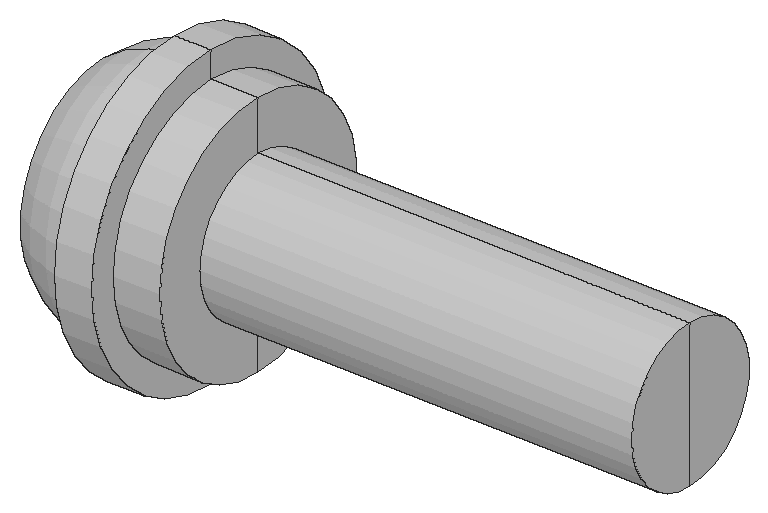
Revit family "6218_Lange Gewindetülle mit Konus", category Rohrformteile, Revit 2021
Family settings
  Bemaßung runder Anschluss = Durchmesser verwenden
  Teiletyp = Verbindung
  OmniClass-Nummer = 23.65.55.14
  OmniClass-Titel = Valves for Liquid Services
  Arbeitsebenenbasiert = Nein
  Immer vertikal = Ja
  Beim Laden mit Abzugskörper schneiden = Nein
  Gemeinsam genutzt = Nein
Parameters (values of type "G3/8 x 40mm")
  Vorgabe-Ansicht = 0 mm
  URL = "www.herz-armaturen.at"
  SCRNSEQ = "AWI;AWI_TYP=\"1001\";1"
  SCRNCODE = "07;01;01"  # constant formula
  R01 = size_lookup("6218_", "R1", 0 mm, Nennweite)  # 9.2 mm
  O-Ring = "EPDM"  # constant formula
  Nennweite = 10 mm
  Gewindetülle = "Messing CW614N, vernickelt"  # constant formula
  Max. Betriebstemperatur = 110 °C  # constant formula
  Max. Betriebsdruck = 1000000.0 Pa  # constant formula
  Medium = "Heizungswasser nach ÖNORM H5195 oder VDI- Richtlinie 2035.\r\nDie Verwendung von Ethylen- oder Propyleneglykol in einem Mischungsverhältnis 25- 50% ist zulässig."
  L03 = size_lookup("6218_", "L3", 0 mm, Nennweite)  # 29.5 mm
  Hinweiß = "Der O-Ring dient als zusätzliche Dichtung, bei Verlust ist die Gewindetülle metallisch dichtend."
  L02 = size_lookup("6218_", "L2", 0 mm, Nennweite)  # 2.5 mm
  L01 = size_lookup("6218_", "L1", 0 mm, Nennweite)  # 7.3 mm
  L00 = size_lookup("6218_", "L", 0 mm, Nennweite)  # 40 mm
  Hersteller = "HERZ Armaturen Ges.m.b.H."  # constant formula
  D04 = size_lookup("6218_", "D4", 0 mm, Nennweite)  # 5 mm
  Bestellnummer [instance] = size_lookup("6218_", "Artnr", 0, Nennweite)  # 1621800
  D03 = size_lookup("6218_", "D3", 0 mm, Nennweite)  # 8.4 mm
  D02 = size_lookup("6218_", "D2", 0 mm, Nennweite)  # 7.15 mm
  D01 = size_lookup("6218_", "D1", 0 mm, Nennweite)  # 9.15 mm
  D00 = size_lookup("6218_", "D", 0 mm, Nennweite)  # 10.2 mm
  Ausführung = "Lange Gewindetülle, ohne Mutter, mit Konus, zum ausgleichen von Baumaßdifferenzen"
Types (4, lengths in mm): name | R01 | Nennweite | L03 | L02 | L01 | L00 | D04 | Bestellnummer | D03 | D02 | D01 | D00
  (no name) | 9.2 | 10 | 29.5 | 2.5 | 7.3 | 40 | 5 | 1621800 | 8.4 | 7.15 | 9.15 | 10.2
  G3/8 x 40mm | 9.2 | 10 | 29.5 | 2.5 | 7.3 | 40 | 5 | 1621800 | 8.4 | 7.15 | 9.15 | 10.2
  G1/2 x 76mm | 11.2 | 15 | 63 | 2.5 | 8.1 | 76 | 7.5 | 1621801 | 10.45 | 8.6 | 11.1 | 12
  G3/4 x 70mm | 14.6 | 20 | 56 | 3 | 8.5 | 70 | 10 | 1621802 | 13.2 | 11.8 | 14.2 | 15
Reference planes
  plane 1 "Mitte (Vorne/hinten)": y = 0
  plane 2: z = 0
  plane 3 "Mitte (Links/rechts)": x = 0
Forms (mm)
  Revolve 1, solid, material "Messing, vernickelt", detail levels fine
    sketch origin (0, 0, 0) x (1, 0, 0) y (0, 0, 1)
      loop
        line (0, 0) -> (40, 0) -> (40, 5) -> (10.5, 5) -> (10.5, 8.4) -> (7.3, 8.4) -> (7.3, 10.2) -> (4.8, 10.2) -> (4.8, 9.15)
        arc (4.8, 9.15) -> (2.256, 8.496) -> (0, 7.15) r 9.2
        line (0, 7.15) -> (0, 0)
      axis (0, 0) -> (40, 0)
    angle from 0 to 360
Dimensions and locks
  "L01": Revolve 1 sketch curve to plane 3 "Mitte (Links/rechts)"
  "L00": Revolve 1 sketch curve to plane 3 "Mitte (Links/rechts)"
  "D00": Revolve 1 sketch curve to plane 2
  "L03": Revolve 1 sketch curve to Revolve 1 sketch curve
  "D03": Revolve 1 sketch curve to plane 2
  "D04": Revolve 1 sketch curve to plane 2
  "D02": Revolve 1 sketch curve to plane 2
  "D01": Revolve 1 sketch curve to plane 2
  "L02": Revolve 1 sketch curve to Revolve 1 sketch curve
  "R01": radius of Revolve 1 sketch curve
  aligned and locked: level to plane 2
Automatic sketch dimensions
  Revolve 1 sketch curve to level = 0 mm  (x2)
  Revolve 1 sketch curve to plane 3 "Mitte (Links/rechts)" = 0 mm
  Revolve 1 sketch curve to plane 3 "Mitte (Links/rechts)" = 1506.53 mm
  Revolve 1 sketch curve to Revolve 1 sketch curve = 1792.148 mm
Connectors
  piping at (40, 0, 0), diameter 10, driven by "Nennweite"
    settings: on Revolve 1, index 2, connector inside diameter 609.6 mm, connector length 0 mm, flow factor 0, pipe flow 0.0 L/s, pressure drop 0.0 Pa, fitting loss kfactor 0, connector angle 0.00°, fixture units 0, engagement length 0 mm, angle of deflection 0.00°, flow configuration 0, flow direction 0, fitting loss method 0, system type 29, joint type 0, gender type 0, connector reference index -1, connector utility 0, adjustable connector no, is connector primary yes, connector description ""
  piping at (0, 0, 0), diameter 10, driven by "Nennweite"
    settings: on Revolve 1, index 3, connector inside diameter 609.6 mm, connector length 0 mm, flow factor 0, pipe flow 0.0 L/s, pressure drop 0.0 Pa, fitting loss kfactor 0, connector angle 0.00°, fixture units 0, engagement length 0 mm, angle of deflection 0.00°, flow configuration 0, flow direction 0, fitting loss method 0, system type 7, joint type 0, gender type 0, connector reference index -1, connector utility 0, adjustable connector no, is connector primary no, connector description ""
